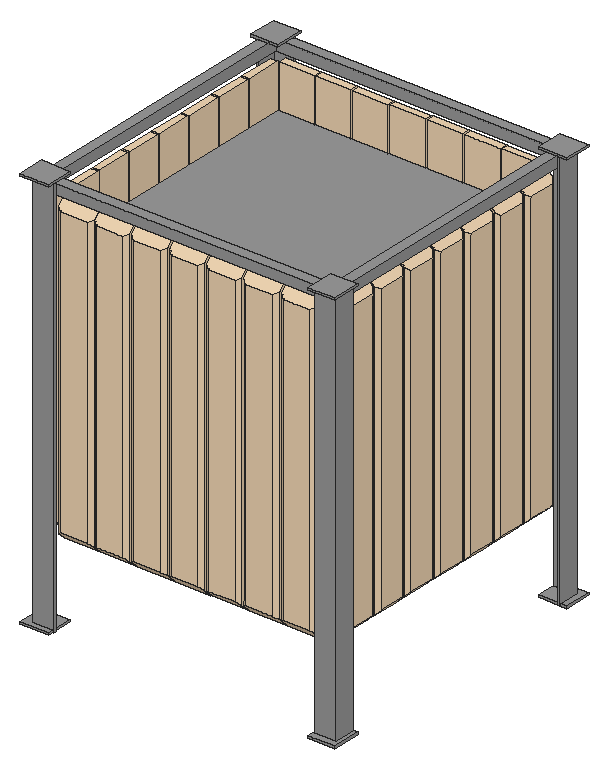
Revit family "«Классик» цветочница парковая", category Антураж, Revit 2017
Family settings
  На основе рабочей плоскости = Нет
  Всегда вертикально = Да
  При загрузке вырезать с полостями = Нет
  Источник визуального образа = Геометрия семейства
  Общий = Нет
  Точка расчета площади = Нет
Parameters (values of type "«Классик» цветочница парковая")
  Стоимость = 10800
  Изготовитель = "ООО \"Хоббика\""
  Высота = 0 mm
  АDSK_Материал вазона = Сталь, окрашенная, черная
  URL = "https://hobbyka.ru/product/cvetochnica_parkovaia_klassik/?sphrase_id=80631"
  ADSK_Размер_Ширина = 490 mm
  ADSK_Размер_Длина = ADSK_Размер_Ширина  # 490 mm
  ADSK_Размер_Высота = 620 mm
  ADSK_Наименование = "«Классик» цветочница парковая"
  ADSK_Материал ламелей = Лиственница
  ADSK_Код изделия = "6758"
Reference planes
  plane 1 "По центру (Вперед/Назад)": y = 0
  plane 2: z = 0
  plane 3 "По центру (Влево/Вправо)": x = 0
Forms (mm)
  Extrusion 1, solid, material "Сталь, окрашенная, черная" <- "АDSK_Материал вазона"
    sketch origin (0, 0, 455) x (1, 0, 0) y (0, 1, 0)
      loop
        line (-214.36, 207.857) -> (-214.36, -221.906) -> (216.88, -221.906) -> (216.88, 207.857) -> (-214.36, 207.857)
      loop
        line (232.4, -237.426) -> (232.4, 223.377) -> (-229.88, 223.377) -> (-229.88, -237.426) -> (232.4, -237.426)
    from 151.601 to 167.601
  Extrusion 2, solid, material "Сталь, окрашенная, черная" <- "АDSK_Материал вазона"
    sketch origin (0, 0, -9) x (1, 0, 0) y (0, 1, 0)
      loop
        line (-185.98, 179.957) -> (-185.98, -193.526) -> (188.5, -193.526) -> (188.5, 179.957) -> (-185.98, 179.957)
      loop
        line (204.02, -209.046) -> (204.02, 195.477) -> (-201.5, 195.477) -> (-201.5, -209.046) -> (204.02, -209.046)
    from 151.601 to 167.601
  Extrusion 3, solid, material "Сталь, окрашенная, черная" <- "АDSK_Материал вазона"
    sketch origin (0, 0, 0) x (1, 0, 0) y (0, 1, 0)
      loop
        line (-199.979, 226.954) -> (-232.979, 226.954) -> (-232.979, 193.954) -> (-229.982, 193.954) -> (-229.982, 223.957) -> (-199.979, 223.957) -> (-199.979, 226.954)
      loop
        line (204.02, 226.954) -> (204.02, 223.957) -> (234.022, 223.957) -> (234.022, 193.954) -> (237.02, 193.954) -> (237.02, 226.954) -> (204.02, 226.954)
      loop
        line (-199.979, -240.523) -> (-199.979, -237.526) -> (-229.982, -237.526) -> (-229.982, -207.523) -> (-232.979, -207.523) -> (-232.979, -240.523) -> (-199.979, -240.523)
      loop
        line (204.02, -240.523) -> (237.02, -240.523) -> (237.02, -207.523) -> (234.022, -207.523) -> (234.022, -237.526) -> (204.02, -237.526) -> (204.02, -240.523)
    from 0 to 622.601
  Extrusion 4, solid, material "Сталь, окрашенная, черная" <- "АDSK_Материал вазона"
    sketch origin (0, 0, 0) x (1, 0, 0) y (0, 1, 0)
      loop
        line (188.5, 179.957) -> (-185.98, 179.957) -> (-185.98, -193.526) -> (188.5, -193.526) -> (188.5, 179.957)
    from 142.601 to 150.063
  Extrusion 5, solid, material "Сталь, окрашенная, черная" <- "АDSK_Материал вазона"
    sketch origin (0, 0, 0) x (1, 0, 0) y (0, 1, 0)
      loop
        line (-241.979, 237.954) -> (-241.979, 193.954) -> (-199.979, 193.954) -> (-199.979, 237.954) -> (-241.979, 237.954)
      loop
        line (248.02, 235.956) -> (204.02, 235.956) -> (204.02, 193.956) -> (248.02, 193.956) -> (248.02, 235.956)
      loop
        line (244.499, -251.523) -> (244.499, -207.523) -> (202.499, -207.523) -> (202.499, -251.523) -> (244.499, -251.523)
      loop
        line (-245.5, -249.525) -> (-201.5, -249.525) -> (-201.5, -207.525) -> (-245.5, -207.525) -> (-245.5, -249.525)
    from 0 to 3
  Extrusion 6, solid, material "Сталь, окрашенная, черная" <- "АDSK_Материал вазона"
    sketch origin (0, 0, 622.601) x (1, 0, 0) y (0, 1, 0)
      loop
        line (-241.979, 237.954) -> (-241.979, 193.954) -> (-199.979, 193.954) -> (-199.979, 237.954) -> (-241.979, 237.954)
      loop
        line (248.02, 235.956) -> (204.02, 235.956) -> (204.02, 193.956) -> (248.02, 193.956) -> (248.02, 235.956)
      loop
        line (244.499, -251.523) -> (244.499, -207.523) -> (202.499, -207.523) -> (202.499, -251.523) -> (244.499, -251.523)
      loop
        line (-245.5, -249.525) -> (-201.5, -249.525) -> (-201.5, -207.525) -> (-245.5, -207.525) -> (-245.5, -249.525)
    from 0 to 3
  Extrusion 7, solid, material "Земля"
    sketch origin (0, 0, 0) x (1, 0, 0) y (0, 1, 0)
      loop
        line (-201.5, 195.477) -> (-201.5, -209.046) -> (204.02, -209.046) -> (204.02, 195.477) -> (-201.5, 195.477)
    from 158.601 to 534.403
Lines and regions (mm)
  symbolic lines
    curve 1: line (0, 8.028, 229.319) -> (0, 18.946, 229.319)
Dimensions and locks
  Extrusion 6 to Extrusion 6 = 489.999 mm
  aligned and locked: level to plane 2
Nested families
  nested 1: "Семейство3" at (201.5, -209.046, 122.601) x (0, 0, 1) z (0, -1, 0), Материал ламели <- "ADSK_Материал ламелей", type "Семейство3"
    with Материал фурнитуры Сталь, окрашенная, черная(1), Материал ламели Лиственница, Длина ламели 478.952 mm, b 60 mm
  nested 2: "Семейство3" at (143.5, -209.046, 122.601) x (0, 0, 1) z (0, -1, 0), Материал ламели <- "ADSK_Материал ламелей", type "Семейство3"
    with Материал фурнитуры Сталь, окрашенная, черная(1), Материал ламели Лиственница, Длина ламели 478.952 mm, b 60 mm
  nested 3: "Семейство3" at (85.5, -209.046, 122.601) x (0, 0, 1) z (0, -1, 0), Материал ламели <- "ADSK_Материал ламелей", type "Семейство3"
    with Материал фурнитуры Сталь, окрашенная, черная(1), Материал ламели Лиственница, Длина ламели 478.952 mm, b 60 mm
  nested 4: "Семейство3" at (27.5, -209.046, 122.601) x (0, 0, 1) z (0, -1, 0), Материал ламели <- "ADSK_Материал ламелей", type "Семейство3"
    with Материал фурнитуры Сталь, окрашенная, черная(1), Материал ламели Лиственница, Длина ламели 478.952 mm, b 60 mm
  nested 5: "Семейство3" at (-30.5, -209.046, 122.601) x (0, 0, 1) z (0, -1, 0), Материал ламели <- "ADSK_Материал ламелей", type "Семейство3"
    with Материал фурнитуры Сталь, окрашенная, черная(1), Материал ламели Лиственница, Длина ламели 478.952 mm, b 60 mm
  nested 6: "Семейство3" at (-88.5, -209.046, 122.601) x (0, 0, 1) z (0, -1, 0), Материал ламели <- "ADSK_Материал ламелей", type "Семейство3"
    with Материал фурнитуры Сталь, окрашенная, черная(1), Материал ламели Лиственница, Длина ламели 478.952 mm, b 60 mm
  nested 7: "Семейство3" at (-143.98, -209.046, 122.601) x (0, 0, 1) z (0, -1, 0), Материал ламели <- "ADSK_Материал ламелей", type "Семейство3"
    with Материал фурнитуры Сталь, окрашенная, черная(1), Материал ламели Лиственница, Длина ламели 478.952 mm, b 60 mm
  nested 8: "Семейство3" at (201.5, 195.477, 122.601) x (0, 0, 1) z (0, 1, 0), Материал ламели <- "ADSK_Материал ламелей", type "Семейство3"
    with Материал фурнитуры Сталь, окрашенная, черная(1), Материал ламели Лиственница, Длина ламели 478.952 mm, b 60 mm
  nested 9: "Семейство3" at (143.5, 195.477, 122.601) x (0, 0, 1) z (0, 1, 0), Материал ламели <- "ADSK_Материал ламелей", type "Семейство3"
    with Материал фурнитуры Сталь, окрашенная, черная(1), Материал ламели Лиственница, Длина ламели 478.952 mm, b 60 mm
  nested 10: "Семейство3" at (85.5, 195.477, 122.601) x (0, 0, 1) z (0, 1, 0), Материал ламели <- "ADSK_Материал ламелей", type "Семейство3"
    with Материал фурнитуры Сталь, окрашенная, черная(1), Материал ламели Лиственница, Длина ламели 478.952 mm, b 60 mm
  nested 11: "Семейство3" at (27.5, 195.477, 122.601) x (0, 0, 1) z (0, 1, 0), Материал ламели <- "ADSK_Материал ламелей", type "Семейство3"
    with Материал фурнитуры Сталь, окрашенная, черная(1), Материал ламели Лиственница, Длина ламели 478.952 mm, b 60 mm
  nested 12: "Семейство3" at (-30.5, 195.477, 122.601) x (0, 0, 1) z (0, 1, 0), Материал ламели <- "ADSK_Материал ламелей", type "Семейство3"
    with Материал фурнитуры Сталь, окрашенная, черная(1), Материал ламели Лиственница, Длина ламели 478.952 mm, b 60 mm
  nested 13: "Семейство3" at (-88.5, 195.477, 122.601) x (0, 0, 1) z (0, 1, 0), Материал ламели <- "ADSK_Материал ламелей", type "Семейство3"
    with Материал фурнитуры Сталь, окрашенная, черная(1), Материал ламели Лиственница, Длина ламели 478.952 mm, b 60 mm
  nested 14: "Семейство3" at (-143.98, 195.477, 122.601) x (0, 0, 1) z (0, 1, 0), Материал ламели <- "ADSK_Материал ламелей", type "Семейство3"
    with Материал фурнитуры Сталь, окрашенная, черная(1), Материал ламели Лиственница, Длина ламели 478.952 mm, b 60 mm
  nested 15: "Семейство3" at (-201.5, -152.523, 601.553) x (0, 0, -1) z (-1, 0, 0), Материал ламели <- "ADSK_Материал ламелей", type "Семейство3"
    with Материал фурнитуры Сталь, окрашенная, черная(1), Материал ламели Лиственница, Длина ламели 478.952 mm, b 60 mm
  nested 16: "Семейство3" at (-201.5, -94.523, 601.553) x (0, 0, -1) z (-1, 0, 0), Материал ламели <- "ADSK_Материал ламелей", type "Семейство3"
    with Материал фурнитуры Сталь, окрашенная, черная(1), Материал ламели Лиственница, Длина ламели 478.952 mm, b 60 mm
  nested 17: "Семейство3" at (-201.5, -36.523, 601.553) x (0, 0, -1) z (-1, 0, 0), Материал ламели <- "ADSK_Материал ламелей", type "Семейство3"
    with Материал фурнитуры Сталь, окрашенная, черная(1), Материал ламели Лиственница, Длина ламели 478.952 mm, b 60 mm
  nested 18: "Семейство3" at (-201.5, 21.477, 601.553) x (0, 0, -1) z (-1, 0, 0), Материал ламели <- "ADSK_Материал ламелей", type "Семейство3"
    with Материал фурнитуры Сталь, окрашенная, черная(1), Материал ламели Лиственница, Длина ламели 478.952 mm, b 60 mm
  nested 19: "Семейство3" at (-201.5, 79.477, 601.553) x (0, 0, -1) z (-1, 0, 0), Материал ламели <- "ADSK_Материал ламелей", type "Семейство3"
    with Материал фурнитуры Сталь, окрашенная, черная(1), Материал ламели Лиственница, Длина ламели 478.952 mm, b 60 mm
  nested 20: "Семейство3" at (-201.5, 137.477, 601.553) x (0, 0, -1) z (-1, 0, 0), Материал ламели <- "ADSK_Материал ламелей", type "Семейство3"
    with Материал фурнитуры Сталь, окрашенная, черная(1), Материал ламели Лиственница, Длина ламели 478.952 mm, b 60 mm
  nested 21: "Семейство3" at (-201.5, 195.477, 601.553) x (0, 0, -1) z (-1, 0, 0), Материал ламели <- "ADSK_Материал ламелей", type "Семейство3"
    with Материал фурнитуры Сталь, окрашенная, черная(1), Материал ламели Лиственница, Длина ламели 478.952 mm, b 60 mm
  nested 22: "Семейство3" at (201.5, -152.523, 601.553) x (0, 0, -1) z (1, 0, 0), Материал ламели <- "ADSK_Материал ламелей", type "Семейство3"
    with Материал фурнитуры Сталь, окрашенная, черная(1), Материал ламели Лиственница, Длина ламели 478.952 mm, b 60 mm
  nested 23: "Семейство3" at (201.5, -94.523, 601.553) x (0, 0, -1) z (1, 0, 0), Материал ламели <- "ADSK_Материал ламелей", type "Семейство3"
    with Материал фурнитуры Сталь, окрашенная, черная(1), Материал ламели Лиственница, Длина ламели 478.952 mm, b 60 mm
  nested 24: "Семейство3" at (201.5, -36.523, 601.553) x (0, 0, -1) z (1, 0, 0), Материал ламели <- "ADSK_Материал ламелей", type "Семейство3"
    with Материал фурнитуры Сталь, окрашенная, черная(1), Материал ламели Лиственница, Длина ламели 478.952 mm, b 60 mm
  nested 25: "Семейство3" at (201.5, 21.477, 601.553) x (0, 0, -1) z (1, 0, 0), Материал ламели <- "ADSK_Материал ламелей", type "Семейство3"
    with Материал фурнитуры Сталь, окрашенная, черная(1), Материал ламели Лиственница, Длина ламели 478.952 mm, b 60 mm
  nested 26: "Семейство3" at (201.5, 79.477, 601.553) x (0, 0, -1) z (1, 0, 0), Материал ламели <- "ADSK_Материал ламелей", type "Семейство3"
    with Материал фурнитуры Сталь, окрашенная, черная(1), Материал ламели Лиственница, Длина ламели 478.952 mm, b 60 mm
  nested 27: "Семейство3" at (201.5, 137.477, 601.553) x (0, 0, -1) z (1, 0, 0), Материал ламели <- "ADSK_Материал ламелей", type "Семейство3"
    with Материал фурнитуры Сталь, окрашенная, черная(1), Материал ламели Лиственница, Длина ламели 478.952 mm, b 60 mm
  nested 28: "Семейство3" at (201.5, 195.477, 601.553) x (0, 0, -1) z (1, 0, 0), Материал ламели <- "ADSK_Материал ламелей", type "Семейство3"
    with Материал фурнитуры Сталь, окрашенная, черная(1), Материал ламели Лиственница, Длина ламели 478.952 mm, b 60 mm
Definition of nested family "Семейство3"
  Parameters (values of type "Семейство3")
    Default Elevation = 1219.2 mm
    Материал фурнитуры [instance] = none
    Материал ламели [instance] = none
    Длина ламели [instance] = 424.398 mm
    b [instance] = 50 mm
  Reference planes
    plane 1 "По центру (Вперед/Назад)": y = 0
    plane 2: z = 0
    plane 3 "По центру (Влево/Вправо)": x = 0
    plane 4: x = 424.398
    plane 5: x = 50
    plane 6: x = 374.398
    plane 7: y = 27.5
  Forms (mm)
    Extrusion 1, solid
      sketch origin (0, 0, 0) x (1, 0, 0) y (0, 1, 0)
        loop
          line (-1219.2, 1219.2) -> (-1219.2, -1219.2) -> (1219.2, -1219.2) -> (1219.2, 1219.2) -> (-1219.2, 1219.2)
      from 0 to -304.8
    Extrusion 2, solid, material <- "Материал ламели"
      sketch origin (0, 0, 0) x (0, 1, 0) y (0, 0, 1)
        loop
          line (48.207, 28) -> (6.793, 28) -> (0, 23.25) -> (0, 0) -> (55, 0) -> (55, 23.25) -> (48.207, 28)
      from 0 to 424.398
    Extrusion 3, void
      sketch origin (0, 0, 0) x (1, 0, 0) y (0, 0, 1)
        loop
          line (0, 11.625) -> (16.375, 28) -> (0, 28) -> (0, 11.625)
      from -83.197 to 37.16
    Extrusion 4, void
      sketch origin (446.463, 0, 0) x (-1, 0, 0) y (0, 0, -1)
        loop
          line (22.065, -11.625) -> (22.065, -28) -> (38.44, -28) -> (22.065, -11.625)
      from -83.197 to 37.16
  Cuts and joins
    Extrusion 3, Extrusion 4 cuts Extrusion 2
  Dimensions and locks
    "Длина ламели": plane 4 to plane 3 "По центру (Влево/Вправо)"
    "b": plane 3 "По центру (Влево/Вправо)" to plane 5
    "b": plane 6 to plane 4
    equal spacing: plane 1 "По центру (Вперед/Назад)", plane 7, cut or joined group of Extrusion 2, Extrusion 3, Extrusion 4
    aligned and locked: plane 2 to Extrusion 1
    aligned and locked: level to Extrusion 1
    aligned and locked: plane 4 to Extrusion 2
    aligned and locked: Extrusion 2 to plane 3 "По центру (Влево/Вправо)"
    aligned and locked: Extrusion 3 sketch curve to plane 3 "По центру (Влево/Вправо)"
    aligned and locked: Extrusion 2 to Extrusion 3 sketch curve
    aligned and locked: plane 4 to cut or joined group of Extrusion 2, Extrusion 3, Extrusion 4
  Automatic sketch dimensions
    Extrusion 1 sketch curve to Extrusion 1 sketch curve = 2438.4 mm  (x2)
    Extrusion 2 sketch curve to level = 0 mm
    Extrusion 2 sketch curve to plane 1 "По центру (Вперед/Назад)" = 0 mm
    Extrusion 2 sketch curve to plane 1 "По центру (Вперед/Назад)" = 6.793 mm
    plane 7 to Extrusion 2 sketch curve = 20.707 mm
    plane 7 to Extrusion 2 sketch curve = 27.5 mm
    level to Extrusion 2 sketch curve = 23.25 mm
    Extrusion 2 sketch curve to Extrusion 2 sketch curve = 23.25 mm
    Extrusion 2 sketch curve to Extrusion 2 sketch curve = 4.75 mm
    plane 3 "По центру (Влево/Вправо)" to Extrusion 3 sketch curve = 16.375 mm
    level to Extrusion 3 sketch curve = 11.625 mm
    Extrusion 4 sketch curve to plane 4 = 0 mm
    plane 4 to Extrusion 4 sketch curve = 16.375 mm
    Extrusion 4 sketch curve to level = 11.625 mm
    Extrusion 4 sketch curve to Extrusion 4 sketch curve = 16.375 mm
